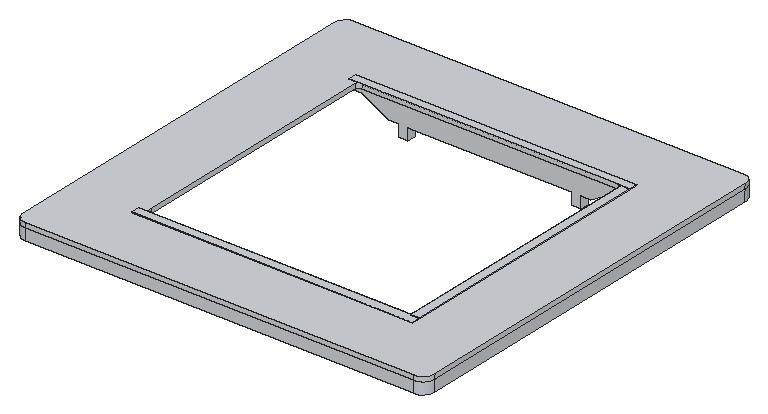
Revit family "Gira_0211235", category Electrical Fixtures, host Face, Revit 2017
Family settings
  Host = Face
  Maintain Annotation Orientation = No
  Round Connector Dimension = Use Diameter
  Part Type = Normal
  Cut with Voids When Loaded = No
  Shared = No
  Room Calculation Point = No
Parameters (values of type "Cov.fr. 1-g flat Gira E2 anthra.")
  With mounting grid = "No"
  With hinged lid = "No"
  URL = "http://katalog.gira.de/en/datenblatt.html?artikelnr=0211235"
  Type of fastening = "Clamp mounting"
  Transparent = "No"
  Surface protection = "Other"
  Suitable for wall duct = "No"
  Suitable for flush-mounted installation = "Yes"
  Suitable for floor box = "No"
  Suitable for built-in installation = "No"
  Number of units vertical = "1"
  Number of units horizontal = "1"
  Number of units = "1"
  Name = "Cov.fr. 1-g flat Gira E2 stainl.steel"
  Mounting direction = "Horizontal and vertical"
  Material quality = "Stainless steel"
  Material = "Metal"
  Manufacturer URL = "https://www.gira.de/"
  Manufacturer = "Gira"
  Label space/information surface = "No"
  Keynote = ""
  HeinzeBIM = "https://bimportal.heinze.de/bim/cov-fr-1-g-flat-gira-e2-stainl-steel/dee0317a28306a9ae2e3cff616e5ec72865a74c6"
  Halogen free = "No"
  HAN = "0211335"
  GTIN = "4010337019855"
  Description = "Cov.fr.1g flat E2 AN,Gira E2 cover frame for flat installation,anthracite,1-gang,"
  Degree of protection (IP) = "IP20"
  Default Elevation = 1219.2 mm
  Data sheet (1) = "https://katalog.gira.de/en/download.html?artikelnr=0211335"
  Colour = "Stainless steel"
  Category = "Cover frame for domestic switching devices"
  BIM (1) = "https://media.stage.bim.site/public/gira/36a6b08/E2flach_Rahmen_1fach.rfa"
  Available = "No"
Reference planes
  plane 1 "Center (Front/Back)": y = 0
  plane 2: z = 0
  plane 3 "Center (Left/Right)": x = 0
Forms (mm)
  Extrusion 1, solid, detail levels fine
    sketch origin (0, 0, 0) x (1, 0, 0) y (0, 1, 0)
      loop
        arc (-41.4, 43.9) -> (-43.168, 43.168) -> (-43.9, 41.4) r 2.5
        line (-43.9, 41.4) -> (-43.9, -41.4)
        arc (-43.9, -41.4) -> (-43.168, -43.168) -> (-41.4, -43.9) r 2.5
        line (-41.4, -43.9) -> (41.4, -43.9)
        arc (41.4, -43.9) -> (43.168, -43.168) -> (43.9, -41.4) r 2.5
        line (43.9, -41.4) -> (43.9, 41.4)
        arc (43.9, 41.4) -> (43.168, 43.168) -> (41.4, 43.9) r 2.5
        line (41.4, 43.9) -> (-41.4, 43.9)
      loop
        spline (-28.144, -27.245) -> (-28.136, -27.363) -> (-28.113, -27.478) -> (-28.075, -27.589) -> (-28.023, -27.695) -> (-27.958, -27.792) -> (-27.881, -27.881) -> (-27.792, -27.958) -> (-27.695, -28.023) -> (-27.589, -28.075) -> (-27.478, -28.113) -> (-27.363, -28.136) -> (-27.245, -28.144)
        line (-27.245, -28.144) -> (27.245, -28.144)
        spline (27.245, -28.144) -> (27.363, -28.136) -> (27.478, -28.113) -> (27.589, -28.075) -> (27.695, -28.023) -> (27.792, -27.958) -> (27.881, -27.881) -> (27.958, -27.792) -> (28.023, -27.695) -> (28.075, -27.589) -> (28.113, -27.478) -> (28.136, -27.363) -> (28.144, -27.245)
        line (28.144, -27.245) -> (28.144, 27.245)
        spline (28.144, 27.245) -> (28.136, 27.363) -> (28.113, 27.478) -> (28.075, 27.589) -> (28.023, 27.695) -> (27.958, 27.792) -> (27.881, 27.881) -> (27.792, 27.958) -> (27.695, 28.023) -> (27.589, 28.075) -> (27.478, 28.113) -> (27.363, 28.136) -> (27.245, 28.144)
        line (27.245, 28.144) -> (-27.245, 28.144)
        spline (-27.245, 28.144) -> (-27.363, 28.136) -> (-27.478, 28.113) -> (-27.589, 28.075) -> (-27.695, 28.023) -> (-27.792, 27.958) -> (-27.881, 27.881) -> (-27.958, 27.792) -> (-28.023, 27.695) -> (-28.075, 27.589) -> (-28.113, 27.478) -> (-28.136, 27.363) -> (-28.144, 27.245)
        line (-28.144, 27.245) -> (-28.144, -27.245)
    from 2.5 to 3.4
  Extrusion 2, solid, detail levels fine
    sketch origin (0, 0, 0) x (1, 0, 0) y (0, 1, 0)
      loop
        arc (-41.4, 43.9) -> (-43.168, 43.168) -> (-43.9, 41.4) r 2.5
        line (-43.9, 41.4) -> (-43.9, -41.4)
        arc (-43.9, -41.4) -> (-43.168, -43.168) -> (-41.4, -43.9) r 2.5
        line (-41.4, -43.9) -> (41.4, -43.9)
        arc (41.4, -43.9) -> (43.168, -43.168) -> (43.9, -41.4) r 2.5
        line (43.9, -41.4) -> (43.9, 41.4)
        arc (43.9, 41.4) -> (43.168, 43.168) -> (41.4, 43.9) r 2.5
        line (41.4, 43.9) -> (-41.4, 43.9)
      loop
        arc (-41.4, 43.4) -> (-42.814, 42.814) -> (-43.4, 41.4) r 2
        line (-43.4, 41.4) -> (-43.4, -41.4)
        arc (-43.4, -41.4) -> (-42.814, -42.814) -> (-41.4, -43.4) r 2
        line (-41.4, -43.4) -> (41.4, -43.4)
        arc (41.4, -43.4) -> (42.814, -42.814) -> (43.4, -41.4) r 2
        line (43.4, -41.4) -> (43.4, 41.4)
        arc (43.4, 41.4) -> (42.814, 42.814) -> (41.4, 43.4) r 2
        line (41.4, 43.4) -> (-41.4, 43.4)
    from 0 to 2.5
  Extrusion 3, solid, detail levels fine
    sketch origin (0, 0, 0) x (1, 0, 0) y (0, 0, 1)
      loop
        line (-17.5, -4.06) -> (-17.5, -1.56) -> (17.5, -1.56) -> (17.5, -4.06) -> (19.5, -4.06) -> (19.5, -1.56) -> (21.654, -1.56) -> (27.214, 1.65) -> (30, 1.65) -> (30, 3.4) -> (-30, 3.4) -> (-30, 1.65) -> (-27.214, 1.65) -> (-21.654, -1.56) -> (-19.5, -1.56) -> (-19.5, -4.06) -> (-17.5, -4.06)
    from 28.144 to 30
  Extrusion 4, solid, detail levels fine
    sketch origin (0, 0, 0) x (0, -1, 0) y (0, 0, -1)
      loop
        line (-17.5, 4.06) -> (-19.5, 4.06) -> (-19.5, 1.56) -> (-21.654, 1.56) -> (-27.214, -1.65) -> (-28.144, -1.65) -> (-28.144, -3.4) -> (28.144, -3.4) -> (28.144, -1.65) -> (27.214, -1.65) -> (21.654, 1.56) -> (19.5, 1.56) -> (19.5, 4.06) -> (17.5, 4.06) -> (17.5, 1.56) -> (-17.5, 1.56) -> (-17.5, 4.06)
    from 28.144 to 30
  Extrusion 5, solid, detail levels medium
    sketch origin (0, 0, 0) x (0, -1, 0) y (0, 0, 1)
      loop
        line (-17.5, -4.06) -> (-17.5, -1.56) -> (17.5, -1.56) -> (17.5, -4.06) -> (19.5, -4.06) -> (19.5, -1.56) -> (28.144, -1.56) -> (28.144, 3.4) -> (-28.144, 3.4) -> (-28.144, -1.56) -> (-19.5, -1.56) -> (-19.5, -4.06) -> (-17.5, -4.06)
    from 28.144 to 30
  Extrusion 6, solid, detail levels fine
    sketch origin (0, 0, 0) x (1, 0, 0) y (0, 0, -1)
      loop
        line (-17.5, 4.06) -> (-19.5, 4.06) -> (-19.5, 1.56) -> (-21.654, 1.56) -> (-27.214, -1.65) -> (-30, -1.65) -> (-30, -3.4) -> (30, -3.4) -> (30, -1.65) -> (27.214, -1.65) -> (21.654, 1.56) -> (19.5, 1.56) -> (19.5, 4.06) -> (17.5, 4.06) -> (17.5, 1.56) -> (-17.5, 1.56) -> (-17.5, 4.06)
    from 28.144 to 30
  Extrusion 7, solid, detail levels coarse
    sketch origin (0, 0, 0) x (1, 0, 0) y (0, 1, 0)
      loop
        line (-43.9, 43.9) -> (-43.9, -43.9) -> (43.9, -43.9) -> (43.9, 43.9) -> (-43.9, 43.9)
    from -4.06 to 3.4
  Extrusion 8, solid, detail levels medium
    sketch origin (0, 0, 0) x (1, 0, 0) y (0, 1, 0)
      loop
        line (-43.9, 43.9) -> (-43.9, -43.9) -> (43.9, -43.9) -> (43.9, 43.9) -> (-43.9, 43.9)
    from 0 to 3.4
  Extrusion 9, solid, detail levels medium
    sketch origin (0, 0, 0) x (1, 0, 0) y (0, 0, 1)
      loop
        line (-17.5, -4.06) -> (-17.5, -1.56) -> (17.5, -1.56) -> (17.5, -4.06) -> (19.5, -4.06) -> (19.5, -1.56) -> (30, -1.56) -> (30, 3.4) -> (-30, 3.4) -> (-30, -1.56) -> (-19.5, -1.56) -> (-19.5, -4.06) -> (-17.5, -4.06)
    from 28.144 to 30
  Extrusion 10, solid, detail levels medium
    sketch origin (0, 0, 0) x (1, 0, 0) y (0, 0, -1)
      loop
        line (-17.5, 4.06) -> (-19.5, 4.06) -> (-19.5, 1.56) -> (-30, 1.56) -> (-30, -3.4) -> (30, -3.4) -> (30, 1.56) -> (19.5, 1.56) -> (19.5, 4.06) -> (17.5, 4.06) -> (17.5, 1.56) -> (-17.5, 1.56) -> (-17.5, 4.06)
    from 28.144 to 30
  Extrusion 11, solid, detail levels medium
    sketch origin (0, 0, 0) x (0, -1, 0) y (0, 0, -1)
      loop
        line (-17.5, 4.06) -> (-19.5, 4.06) -> (-19.5, 1.56) -> (-28.144, 1.56) -> (-28.144, -3.4) -> (28.144, -3.4) -> (28.144, 1.56) -> (19.5, 1.56) -> (19.5, 4.06) -> (17.5, 4.06) -> (17.5, 1.56) -> (-17.5, 1.56) -> (-17.5, 4.06)
    from 28.144 to 30
Dimensions and locks
  aligned and locked: plane 2 to host face
  aligned and locked: level to host face
